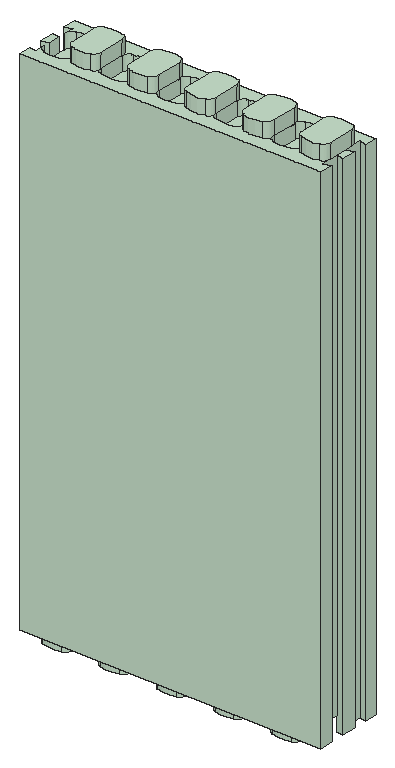
Revit family
Reference planes (in)
  plane 1 "Center (Front/Back)": y = 0
  plane 2: z = 0
  plane 3 "Center (Left/Right)": x = -2
  plane 4: y = 2.375
  plane 5: z = 18
  plane 6: x = 8.5
Forms (in)
  Extrusion 1, solid, material "NUDURA Expanded Polystyrene Foam Insulation"
    sketch origin (0, 0, 0) x (1, 0, 0) y (0, 1, 0)
      loop
        line (-2, 0) -> (8.5, 0) -> (8.5, 0.44867) -> (8.25, 0.38168) -> (8.25, 0.98867) -> (8.5, 0.92633) -> (8.5, 1.44867) -> (8.25, 1.38168) -> (8.25, 1.98867) -> (8.5, 1.92633) -> (8.5, 2.375) -> (-2, 2.375) -> (-2, 1.92633) -> (-1.75, 1.99332) -> (-1.75, 1.38633) -> (-2, 1.44867) -> (-2, 0.92633) -> (-1.75, 0.99332) -> (-1.75, 0.38633) -> (-2, 0.44867) -> (-2, 0)
    from 0 to 18
  Extrusion 2, void
    sketch origin (-0.01563, 0, 0) x (1, 0, 0) y (0, 1, 0)
      loop
        arc (2.98523, 1.98842) -> (2.96388, 1.94159) -> (2.91453, 1.92701) r 0.06202
        arc (2.91453, 1.92701) -> (2.67428, 1.93357) -> (2.4387, 1.88595) r 1.0625
        arc (2.4387, 1.88595) -> (2.31347, 1.79517) -> (2.26563, 1.64808) r 0.25
        line (2.26563, 1.64808) -> (2.26563, 0.72692)
        arc (2.26563, 0.72692) -> (2.31347, 0.57983) -> (2.4387, 0.48905) r 0.25
        arc (2.4387, 0.48905) -> (2.76563, 0.4375) -> (3.09255, 0.48905) r 1.0625
        arc (3.09255, 0.48905) -> (3.21778, 0.57983) -> (3.26563, 0.72692) r 0.25
        line (3.26563, 0.72692) -> (3.26563, 1.64808)
        arc (3.26563, 1.64808) -> (3.25199, 1.72953) -> (3.21256, 1.80209) r 0.25
        arc (3.21256, 1.80209) -> (3.20278, 1.82009) -> (3.19939, 1.84029) r 0.06202
        line (3.19939, 1.84029) -> (3.19939, 2.21033) -> (2.98523, 2.21033) -> (2.98523, 1.98842)
    from 18 to 17.5
  Extrusion 3, void
    sketch origin (1.98437, 0, 0) x (1, 0, 0) y (0, 1, 0)
      loop
        arc (2.98523, 1.98842) -> (2.96388, 1.94159) -> (2.91453, 1.92701) r 0.06202
        arc (2.91453, 1.92701) -> (2.67428, 1.93357) -> (2.4387, 1.88595) r 1.0625
        arc (2.4387, 1.88595) -> (2.31347, 1.79517) -> (2.26563, 1.64808) r 0.25
        line (2.26563, 1.64808) -> (2.26563, 0.72692)
        arc (2.26563, 0.72692) -> (2.31347, 0.57983) -> (2.4387, 0.48905) r 0.25
        arc (2.4387, 0.48905) -> (2.76563, 0.4375) -> (3.09255, 0.48905) r 1.0625
        arc (3.09255, 0.48905) -> (3.21778, 0.57983) -> (3.26563, 0.72692) r 0.25
        line (3.26563, 0.72692) -> (3.26563, 1.64808)
        arc (3.26563, 1.64808) -> (3.25199, 1.72953) -> (3.21256, 1.80209) r 0.25
        arc (3.21256, 1.80209) -> (3.20278, 1.82009) -> (3.19939, 1.84029) r 0.06202
        line (3.19939, 1.84029) -> (3.19939, 2.21033) -> (2.98523, 2.21033) -> (2.98523, 1.98842)
    from 18 to 17.5
  Extrusion 4, void
    sketch origin (-2.01563, 0, 0) x (1, 0, 0) y (0, 1, 0)
      loop
        arc (2.98523, 1.98842) -> (2.96388, 1.94159) -> (2.91453, 1.92701) r 0.06202
        arc (2.91453, 1.92701) -> (2.67428, 1.93357) -> (2.4387, 1.88595) r 1.0625
        arc (2.4387, 1.88595) -> (2.31347, 1.79517) -> (2.26563, 1.64808) r 0.25
        line (2.26563, 1.64808) -> (2.26563, 0.72692)
        arc (2.26563, 0.72692) -> (2.31347, 0.57983) -> (2.4387, 0.48905) r 0.25
        arc (2.4387, 0.48905) -> (2.76563, 0.4375) -> (3.09255, 0.48905) r 1.0625
        arc (3.09255, 0.48905) -> (3.21778, 0.57983) -> (3.26563, 0.72692) r 0.25
        line (3.26563, 0.72692) -> (3.26563, 1.64808)
        arc (3.26563, 1.64808) -> (3.25199, 1.72953) -> (3.21256, 1.80209) r 0.25
        arc (3.21256, 1.80209) -> (3.20278, 1.82009) -> (3.19939, 1.84029) r 0.06202
        line (3.19939, 1.84029) -> (3.19939, 2.21033) -> (2.98523, 2.21033) -> (2.98523, 1.98842)
    from 18 to 17.5
  Extrusion 5, void
    sketch origin (0, 0, 0) x (1, 0, 0) y (0, 1, 0)
      loop
        line (5.53039, 1.98842) -> (5.53039, 2.21033) -> (5.31623, 2.21033) -> (5.31623, 1.84029)
        arc (5.31623, 1.84029) -> (5.31285, 1.82009) -> (5.30307, 1.80209) r 0.06202
        arc (5.30307, 1.80209) -> (5.26364, 1.72953) -> (5.25, 1.64808) r 0.25
        line (5.25, 1.64808) -> (5.25, 0.72692)
        arc (5.25, 0.72692) -> (5.29785, 0.57983) -> (5.42308, 0.48905) r 0.25
        arc (5.42308, 0.48905) -> (5.75, 0.4375) -> (6.07692, 0.48905) r 1.0625
        arc (6.07692, 0.48905) -> (6.20215, 0.57983) -> (6.25, 0.72692) r 0.25
        line (6.25, 0.72692) -> (6.25, 1.64808)
        arc (6.25, 1.64808) -> (6.20215, 1.79517) -> (6.07692, 1.88595) r 0.25
        arc (6.07692, 1.88595) -> (5.84135, 1.93357) -> (5.6011, 1.92701) r 1.0625
        arc (5.6011, 1.92701) -> (5.55174, 1.94159) -> (5.53039, 1.98842) r 0.06202
      loop
        line (3.53039, 1.98842) -> (3.53039, 2.21033) -> (3.31623, 2.21033) -> (3.31623, 1.84029)
        arc (3.31623, 1.84029) -> (3.31285, 1.82009) -> (3.30307, 1.80209) r 0.06202
        arc (3.30307, 1.80209) -> (3.26364, 1.72953) -> (3.25, 1.64808) r 0.25
        line (3.25, 1.64808) -> (3.25, 0.72692)
        arc (3.25, 0.72692) -> (3.29785, 0.57983) -> (3.42308, 0.48905) r 0.25
        arc (3.42308, 0.48905) -> (3.75, 0.4375) -> (4.07692, 0.48905) r 1.0625
        arc (4.07692, 0.48905) -> (4.20215, 0.57983) -> (4.25, 0.72692) r 0.25
        line (4.25, 0.72692) -> (4.25, 1.64808)
        arc (4.25, 1.64808) -> (4.20215, 1.79517) -> (4.07692, 1.88595) r 0.25
        arc (4.07692, 1.88595) -> (3.84135, 1.93357) -> (3.6011, 1.92701) r 1.0625
        arc (3.6011, 1.92701) -> (3.55174, 1.94159) -> (3.53039, 1.98842) r 0.06202
      loop
        line (1.53039, 1.98842) -> (1.53039, 2.21033) -> (1.31623, 2.21033) -> (1.31623, 1.84029)
        arc (1.31623, 1.84029) -> (1.31285, 1.82009) -> (1.30307, 1.80209) r 0.06202
        arc (1.30307, 1.80209) -> (1.26364, 1.72953) -> (1.25, 1.64808) r 0.25
        line (1.25, 1.64808) -> (1.25, 0.72692)
        arc (1.25, 0.72692) -> (1.29785, 0.57983) -> (1.42308, 0.48905) r 0.25
        arc (1.42308, 0.48905) -> (1.75, 0.4375) -> (2.07692, 0.48905) r 1.0625
        arc (2.07692, 0.48905) -> (2.20215, 0.57983) -> (2.25, 0.72692) r 0.25
        line (2.25, 0.72692) -> (2.25, 1.64808)
        arc (2.25, 1.64808) -> (2.20215, 1.79517) -> (2.07692, 1.88595) r 0.25
        arc (2.07692, 1.88595) -> (1.84135, 1.93357) -> (1.6011, 1.92701) r 1.0625
        arc (1.6011, 1.92701) -> (1.55174, 1.94159) -> (1.53039, 1.98842) r 0.06202
      loop
        line (-0.46961, 1.98842) -> (-0.46961, 2.21033) -> (-0.68377, 2.21033) -> (-0.68377, 1.84029)
        arc (-0.68377, 1.84029) -> (-0.68715, 1.82009) -> (-0.69693, 1.80209) r 0.06202
        arc (-0.69693, 1.80209) -> (-0.73636, 1.72953) -> (-0.75, 1.64808) r 0.25
        line (-0.75, 1.64808) -> (-0.75, 0.72692)
        arc (-0.75, 0.72692) -> (-0.70215, 0.57983) -> (-0.57692, 0.48905) r 0.25
        arc (-0.57692, 0.48905) -> (-0.25, 0.4375) -> (0.07692, 0.48905) r 1.0625
        arc (0.07692, 0.48905) -> (0.20215, 0.57983) -> (0.25, 0.72692) r 0.25
        line (0.25, 0.72692) -> (0.25, 1.64808)
        arc (0.25, 1.64808) -> (0.20215, 1.79517) -> (0.07692, 1.88595) r 0.25
        arc (0.07692, 1.88595) -> (-0.15865, 1.93357) -> (-0.3989, 1.92701) r 1.0625
        arc (-0.3989, 1.92701) -> (-0.44826, 1.94159) -> (-0.46961, 1.98842) r 0.06202
      loop
        line (7.53039, 1.98842) -> (7.53039, 2.21033) -> (7.31623, 2.21033) -> (7.31623, 1.84029)
        arc (7.31623, 1.84029) -> (7.31285, 1.82009) -> (7.30307, 1.80209) r 0.06202
        arc (7.30307, 1.80209) -> (7.26364, 1.72953) -> (7.25, 1.64808) r 0.25
        line (7.25, 1.64808) -> (7.25, 0.72692)
        arc (7.25, 0.72692) -> (7.29785, 0.57983) -> (7.42308, 0.48905) r 0.25
        arc (7.42308, 0.48905) -> (7.75, 0.4375) -> (8.07692, 0.48905) r 1.0625
        arc (8.07692, 0.48905) -> (8.20215, 0.57983) -> (8.25, 0.72692) r 0.25
        line (8.25, 0.72692) -> (8.25, 1.64808)
        arc (8.25, 1.64808) -> (8.20215, 1.79517) -> (8.07692, 1.88595) r 0.25
        arc (8.07692, 1.88595) -> (7.84135, 1.93357) -> (7.6011, 1.92701) r 1.0625
        arc (7.6011, 1.92701) -> (7.55174, 1.94159) -> (7.53039, 1.98842) r 0.06202
    from 0 to 0.5
  Extrusion 6, void
    sketch origin (3.98437, 0, 0) x (1, 0, 0) y (0, 1, 0)
      loop
        arc (2.98523, 1.98842) -> (2.96388, 1.94159) -> (2.91453, 1.92701) r 0.06202
        arc (2.91453, 1.92701) -> (2.67428, 1.93357) -> (2.4387, 1.88595) r 1.0625
        arc (2.4387, 1.88595) -> (2.31347, 1.79517) -> (2.26563, 1.64808) r 0.25
        line (2.26563, 1.64808) -> (2.26563, 0.72692)
        arc (2.26563, 0.72692) -> (2.31347, 0.57983) -> (2.4387, 0.48905) r 0.25
        arc (2.4387, 0.48905) -> (2.76563, 0.4375) -> (3.09255, 0.48905) r 1.0625
        arc (3.09255, 0.48905) -> (3.21778, 0.57983) -> (3.26563, 0.72692) r 0.25
        line (3.26563, 0.72692) -> (3.26563, 1.64808)
        arc (3.26563, 1.64808) -> (3.25199, 1.72953) -> (3.21256, 1.80209) r 0.25
        arc (3.21256, 1.80209) -> (3.20278, 1.82009) -> (3.19939, 1.84029) r 0.06202
        line (3.19939, 1.84029) -> (3.19939, 2.21033) -> (2.98523, 2.21033) -> (2.98523, 1.98842)
    from 18 to 17.5
  Extrusion 7, void
    sketch origin (-4.01563, 0, 0) x (1, 0, 0) y (0, 1, 0)
      loop
        arc (2.98523, 1.98842) -> (2.96388, 1.94159) -> (2.91453, 1.92701) r 0.06202
        arc (2.91453, 1.92701) -> (2.67428, 1.93357) -> (2.4387, 1.88595) r 1.0625
        arc (2.4387, 1.88595) -> (2.31347, 1.79517) -> (2.26563, 1.64808) r 0.25
        line (2.26563, 1.64808) -> (2.26563, 0.72692)
        arc (2.26563, 0.72692) -> (2.31347, 0.57983) -> (2.4387, 0.48905) r 0.25
        arc (2.4387, 0.48905) -> (2.76563, 0.4375) -> (3.09255, 0.48905) r 1.0625
        arc (3.09255, 0.48905) -> (3.21778, 0.57983) -> (3.26563, 0.72692) r 0.25
        line (3.26563, 0.72692) -> (3.26563, 1.64808)
        arc (3.26563, 1.64808) -> (3.25199, 1.72953) -> (3.21256, 1.80209) r 0.25
        arc (3.21256, 1.80209) -> (3.20278, 1.82009) -> (3.19939, 1.84029) r 0.06202
        line (3.19939, 1.84029) -> (3.19939, 2.21033) -> (2.98523, 2.21033) -> (2.98523, 1.98842)
    from 18 to 17.5
Cuts and joins
  Extrusion 2, Extrusion 3, Extrusion 4, Extrusion 5, Extrusion 6, Extrusion 7 cuts Extrusion 1
Lines and regions (in)
  model lines
    curve 1: line (-0.75, 0, 0) -> (-0.75, 0, 18)
    curve 2: line (7.25, 0, 18) -> (7.25, 0, 0)
Dimensions and locks (in)
  locked: plane 5 to plane 2 at 18
  aligned and locked: nested 12 to cut or joined group of Extrusion 1, Extrusion 2, Extrusion 3, Extrusion 4, Extrusion 5, Extrusion 6, Extrusion 7
Nested families (in)
  nested 1: "Capture Lugs" at (3.25, 5.625, 0), type "Capture Lugs"
  nested 2: "Interlock Tooth" at (1.25, 5.625, 0), type "Interlock Tooth"
  nested 3: "Interlock Tooth" at (3.25, 5.625, 0), type "Interlock Tooth"
  nested 4: "Interlock Tooth" at (5.25, 5.625, 0), type "Interlock Tooth"
  nested 5: "Interlock Tooth" at (4.25, 5.625, -18.5), type "Interlock Tooth"
  nested 6: "Interlock Tooth" at (2.25, 5.625, -18.5), type "Interlock Tooth"
  nested 7: "Interlock Tooth" at (0.25, 5.625, -18.5), type "Interlock Tooth"
  nested 8: "Interlock Tooth" at (6.25, 5.625, -18.5), type "Interlock Tooth"
  nested 9: "Interlock Tooth" at (-0.75, 5.625, 0), type "Interlock Tooth"
  nested 10: "Interlock Tooth" at (-1.75, 5.625, -18.5), type "Interlock Tooth"
  nested 11: "Interlock Tooth" at (7.25, 5.625, 0), type "Interlock Tooth"
  nested 12: "NUDURA Logo Diamond without Outside Line" at (-8.74744, 0, 0), type "NUDURA Logo Diamond without Outside Line"
Definition of nested family "Capture Lugs"
  Reference planes (in)
    plane 1 "Center (Front/Back)": y = 0
    plane 2: z = 0
    plane 3 "Center (Left/Right)": x = 0
  Forms (in)
    Extrusion 1, solid, material "High Density Polystyrene"
      sketch origin (0, 0, 0) x (0, 1, 0) y (0, 0, 1)
        loop
          arc (-3.25, 0) -> (-3.22112, 0.01975) -> (-3.21, 0.05292) r 0.055
          line (-3.21, 0.05292) -> (-3.21, 17.69292)
          arc (-3.21, 17.69292) -> (-3.22112, 17.72608) -> (-3.25, 17.74583) r 0.055
          line (-3.25, 17.74583) -> (-3.25, 0)
      from 0.36328 to -0.36328
    Extrusion 2, solid, material "High Density Polystyrene"
      sketch origin (0, 0, 0) x (0, 1, 0) y (0, 0, 1)
        loop
          line (-3.21, 16.17792) -> (-3.21, 14.97792) -> (-2.71, 14.97792) -> (-2.71, 16.17792) -> (-3.21, 16.17792)
        loop
          line (-3.21, 14.22792) -> (-3.21, 13.02792) -> (-2.71, 13.02792) -> (-2.71, 14.22792) -> (-3.21, 14.22792)
        loop
          line (-3.21, 12.27792) -> (-3.21, 11.07792) -> (-2.71, 11.07792) -> (-2.71, 12.27792) -> (-3.21, 12.27792)
        loop
          line (-3.21, 10.32792) -> (-3.21, 9.24792) -> (-2.71, 9.24792) -> (-2.71, 10.32792) -> (-3.21, 10.32792)
        loop
          line (-3.21, 8.49792) -> (-3.21, 7.41792) -> (-2.71, 7.41792) -> (-2.71, 8.49792) -> (-3.21, 8.49792)
        loop
          line (-3.21, 6.66792) -> (-3.21, 5.46792) -> (-2.71, 5.46792) -> (-2.71, 6.66792) -> (-3.21, 6.66792)
        loop
          line (-3.21, 4.71792) -> (-3.21, 3.51792) -> (-2.71, 3.51792) -> (-2.71, 4.71792) -> (-3.21, 4.71792)
        loop
          line (-3.21, 2.76792) -> (-3.21, 1.56792) -> (-2.71, 1.56792) -> (-2.71, 2.76792) -> (-3.21, 2.76792)
      from 0.25 to -0.25
    Extrusion 3, void
      sketch origin (0, 0, 0) x (1, 0, 0) y (0, 1, 0)
        loop
          arc (-0.25, -2.79249) -> (-0.22584, -2.73416) -> (-0.1675, -2.71) r 0.0825
          line (-0.1675, -2.71) -> (-0.25, -2.71) -> (-0.25, -2.79249)
      from 0 to 18
    Extrusion 4, void
      sketch origin (0, 0, 0) x (-1, 0, 0) y (0, -1, 0)
        loop
          line (-0.25, 2.79249) -> (-0.25, 2.71) -> (-0.1675, 2.71)
          arc (-0.1675, 2.71) -> (-0.22584, 2.73416) -> (-0.25, 2.79249) r 0.0825
      from 0 to 18
    Extrusion 5, void
      sketch origin (0, 0, 0) x (1, 0, 0) y (0, 1, 0)
        loop
          arc (-0.04687, -2.835) -> (0, -3.07587) -> (0.04688, -2.835) r 0.125
          line (0.04688, -2.835) -> (0.04688, -2.71) -> (-0.04687, -2.71) -> (-0.04687, -2.835)
      from 0 to 18
  Cuts and joins
    Extrusion 3, Extrusion 4 cuts Extrusion 1
    Extrusion 3, Extrusion 4, Extrusion 5 cuts Extrusion 2
Definition of nested family "Interlock Tooth"
  Reference planes (in)
    plane 1 "Center (Front/Back)": y = 0
    plane 2: z = 0
    plane 3 "Center (Left/Right)": x = 0
    plane 4: z = 18
    plane 5: z = 18.5
    plane 6: z = -0.5
  Forms (in)
    Extrusion 1, solid, material "NUDURA Expanded Polystyrene Foam Insulation"
      sketch origin (0, -8.875, 0) x (1, 0, 0) y (0, 1, 0)
        loop
          arc (0, 3.97692) -> (0.04785, 3.82983) -> (0.17308, 3.73905) r 0.25
          arc (0.17308, 3.73905) -> (0.5, 3.6875) -> (0.82692, 3.73905) r 1.0625
          arc (0.82692, 3.73905) -> (0.95215, 3.82983) -> (1, 3.97692) r 0.25
          line (1, 3.97692) -> (1, 4.89808)
          arc (1, 4.89808) -> (0.95215, 5.04517) -> (0.82692, 5.13595) r 0.25
          arc (0.82692, 5.13595) -> (0.5, 5.1875) -> (0.17308, 5.13595) r 1.0625
          arc (0.17308, 5.13595) -> (0.04785, 5.04517) -> (0, 4.89808) r 0.25
          line (0, 4.89808) -> (0, 3.97692)
      from 18 to 18.5
  Dimensions and locks (in)
    locked: plane 4 to level at 18
    locked: plane 4 to plane 5 at 0.5
    locked: plane 6 to level at 0.5
Definition of nested family "NUDURA Logo Diamond without Outside Line"
  Reference planes (in)
    plane 1 "Center (Front/Back)": y = 0
    plane 2: z = 0
    plane 3 "Center (Left/Right)": x = 0
  Lines and regions (in)
    model lines
      curve 1: line (12.59848, 0, 17.50104) -> (12.24492, 0, 17.85459)
      curve 2: line (12.36113, 0, 16.76872) -> (12.59848, 0, 17.00607)
      curve 3: line (12.59848, 0, 16.00104) -> (12.36113, 0, 16.23839)
      curve 4: line (12.36113, 0, 15.26872) -> (12.59848, 0, 15.50607)
      curve 5: line (12.59848, 0, 14.50104) -> (12.36113, 0, 14.73839)
      curve 6: line (12.36113, 0, 13.76872) -> (12.59848, 0, 14.00607)
      curve 7: line (12.17421, 0, 13.28388) -> (12.71208, 0, 12.74602)
      curve 8: line (12.71208, 0, 12.74602) -> (12.78279, 0, 12.81673)
      curve 9: line (11.28279, 0, 12.74602) -> (11.82066, 0, 13.28388)
      curve 10: line (11.63374, 0, 13.23839) -> (11.21208, 0, 12.81673)
      curve 11: line (11.3964, 0, 14.00607) -> (11.63374, 0, 13.76872)
      curve 12: line (11.63374, 0, 14.73839) -> (11.3964, 0, 14.50104)
      curve 13: line (11.3964, 0, 15.50607) -> (11.63374, 0, 15.26872)
      curve 14: line (11.63374, 0, 16.23839) -> (11.3964, 0, 16.00104)
      curve 15: line (11.3964, 0, 17.00607) -> (11.63374, 0, 16.76872)
      curve 16: line (11.74995, 0, 17.85459) -> (11.3964, 0, 17.50104)
      curve 17: line (11.82066, 0, 17.78388) -> (11.46711, 0, 17.43033)
      curve 18: line (12.52777, 0, 17.43033) -> (12.17421, 0, 17.78388)
      curve 19: line (12.17421, 0, 16.72322) -> (12.52777, 0, 17.07678)
      curve 20: line (11.46711, 0, 17.07678) -> (11.82066, 0, 16.72322)
      curve 21: arc (11.3964, 0, 17.50104) -> (11.29388, 0, 17.25355) -> (11.3964, 0, 17.00607) r 0.35
      curve 22: arc (11.74995, 0, 17.85459) -> (11.99744, 0, 17.95711) -> (12.24492, 0, 17.85459) r 0.35
      curve 23: arc (11.46711, 0, 17.43033) -> (11.39388, 0, 17.25355) -> (11.46711, 0, 17.07678) r 0.25
      curve 24: arc (12.52777, 0, 17.43033) -> (12.60099, 0, 17.25355) -> (12.52777, 0, 17.07678) r 0.25
      curve 25: arc (12.17421, 0, 16.72322) -> (11.99744, 0, 16.65) -> (11.82066, 0, 16.72322) r 0.25
      curve 26: arc (11.82066, 0, 17.78388) -> (11.99744, 0, 17.85711) -> (12.17421, 0, 17.78388) r 0.25
      curve 27: arc (12.59848, 0, 17.50104) -> (12.70099, 0, 17.25355) -> (12.59848, 0, 17.00607) r 0.35
      curve 28: arc (11.63374, 0, 16.76872) -> (11.74358, 0, 16.50355) -> (11.63374, 0, 16.23839) r 0.375
      curve 29: arc (12.36113, 0, 16.76872) -> (12.2513, 0, 16.50355) -> (12.36113, 0, 16.23839) r 0.375
      curve 30: line (12.36113, 0, 15.26872) -> (12.59848, 0, 15.50607)
      curve 31: line (11.3964, 0, 15.50607) -> (11.63374, 0, 15.26872)
      curve 32: line (11.82066, 0, 16.28388) -> (11.46711, 0, 15.93033)
      curve 33: line (12.52777, 0, 15.93033) -> (12.17421, 0, 16.28388)
      curve 34: line (12.17421, 0, 15.22322) -> (12.52777, 0, 15.57678)
      curve 35: line (11.46711, 0, 15.57678) -> (11.82066, 0, 15.22322)
      curve 36: arc (11.3964, 0, 16.00104) -> (11.29388, 0, 15.75355) -> (11.3964, 0, 15.50607) r 0.35
      curve 37: arc (11.46711, 0, 15.93033) -> (11.39388, 0, 15.75355) -> (11.46711, 0, 15.57678) r 0.25
      curve 38: arc (12.52777, 0, 15.93033) -> (12.60099, 0, 15.75355) -> (12.52777, 0, 15.57678) r 0.25
      curve 39: arc (12.17421, 0, 15.22322) -> (11.99744, 0, 15.15) -> (11.82066, 0, 15.22322) r 0.25
      curve 40: arc (11.82066, 0, 16.28388) -> (11.99744, 0, 16.35711) -> (12.17421, 0, 16.28388) r 0.25
      curve 41: arc (12.59848, 0, 16.00104) -> (12.70099, 0, 15.75355) -> (12.59848, 0, 15.50607) r 0.35
      curve 42: line (11.63374, 0, 16.23839) -> (11.3964, 0, 16.00104)
      curve 43: line (12.59848, 0, 16.00104) -> (12.36113, 0, 16.23839)
      curve 44: arc (11.63374, 0, 15.26872) -> (11.74358, 0, 15.00355) -> (11.63374, 0, 14.73839) r 0.375
      curve 45: arc (12.36113, 0, 15.26872) -> (12.2513, 0, 15.00355) -> (12.36113, 0, 14.73839) r 0.375
      curve 46: line (12.36113, 0, 13.76872) -> (12.59848, 0, 14.00607)
      curve 47: line (11.3964, 0, 14.00607) -> (11.63374, 0, 13.76872)
      curve 48: line (11.82066, 0, 14.78388) -> (11.46711, 0, 14.43033)
      curve 49: line (12.52777, 0, 14.43033) -> (12.17421, 0, 14.78388)
      curve 50: line (12.17421, 0, 13.72322) -> (12.52777, 0, 14.07678)
      curve 51: line (11.46711, 0, 14.07678) -> (11.82066, 0, 13.72322)
      curve 52: arc (11.3964, 0, 14.50104) -> (11.29388, 0, 14.25355) -> (11.3964, 0, 14.00607) r 0.35
      curve 53: arc (11.46711, 0, 14.43033) -> (11.39388, 0, 14.25355) -> (11.46711, 0, 14.07678) r 0.25
      curve 54: arc (12.52777, 0, 14.43033) -> (12.60099, 0, 14.25355) -> (12.52777, 0, 14.07678) r 0.25
      curve 55: arc (12.17421, 0, 13.72322) -> (11.99744, 0, 13.65) -> (11.82066, 0, 13.72322) r 0.25
      curve 56: arc (11.82066, 0, 14.78388) -> (11.99744, 0, 14.85711) -> (12.17421, 0, 14.78388) r 0.25
      curve 57: arc (12.59848, 0, 14.50104) -> (12.70099, 0, 14.25355) -> (12.59848, 0, 14.00607) r 0.35
      curve 58: line (11.63374, 0, 14.73839) -> (11.3964, 0, 14.50104)
      curve 59: arc (11.63374, 0, 13.76872) -> (11.74358, 0, 13.50355) -> (11.63374, 0, 13.23839) r 0.375
      curve 60: arc (12.36113, 0, 13.76872) -> (12.2513, 0, 13.50355) -> (12.36113, 0, 13.23839) r 0.375
      curve 61: line (12.78279, 0, 12.81673) -> (12.36113, 0, 13.23839)
      curve 62: line (11.21208, 0, 12.81673) -> (11.28279, 0, 12.74602)
      curve 63: arc (11.82066, 0, 13.28388) -> (11.99744, 0, 13.35711) -> (12.17421, 0, 13.28388) r 0.25
      curve 64: line (12.59848, 0, 0.50607) -> (12.24492, 0, 0.15251)
      curve 65: line (12.36113, 0, 1.23839) -> (12.59848, 0, 1.00104)
      curve 66: line (12.59848, 0, 2.00607) -> (12.36113, 0, 1.76872)
      curve 67: line (12.36113, 0, 2.73839) -> (12.59848, 0, 2.50104)
      curve 68: line (12.59848, 0, 3.50607) -> (12.36113, 0, 3.26872)
      curve 69: line (12.36113, 0, 4.23839) -> (12.59848, 0, 4.00104)
      curve 70: line (12.17421, 0, 4.72322) -> (12.71208, 0, 5.26109)
      curve 71: line (12.71208, 0, 5.26109) -> (12.78279, 0, 5.19038)
      curve 72: line (11.28279, 0, 5.26109) -> (11.82066, 0, 4.72322)
      curve 73: line (11.63374, 0, 4.76872) -> (11.21208, 0, 5.19038)
      curve 74: line (11.3964, 0, 4.00104) -> (11.63374, 0, 4.23839)
      curve 75: line (11.63374, 0, 3.26872) -> (11.3964, 0, 3.50607)
      curve 76: line (11.3964, 0, 2.50104) -> (11.63374, 0, 2.73839)
      curve 77: line (11.63374, 0, 1.76872) -> (11.3964, 0, 2.00607)
      curve 78: line (11.3964, 0, 1.00104) -> (11.63374, 0, 1.23839)
      curve 79: line (11.74995, 0, 0.15251) -> (11.3964, 0, 0.50607)
      curve 80: line (11.82066, 0, 0.22322) -> (11.46711, 0, 0.57678)
      curve 81: line (12.52777, 0, 0.57678) -> (12.17421, 0, 0.22322)
      curve 82: line (12.17421, 0, 1.28388) -> (12.52777, 0, 0.93033)
      curve 83: line (11.46711, 0, 0.93033) -> (11.82066, 0, 1.28388)
      curve 84: arc (11.3964, 0, 0.50607) -> (11.29388, 0, 0.75355) -> (11.3964, 0, 1.00104) r 0.35
      curve 85: arc (11.74995, 0, 0.15251) -> (11.99744, 0, 0.05) -> (12.24492, 0, 0.15251) r 0.35
      curve 86: arc (11.46711, 0, 0.57678) -> (11.39388, 0, 0.75355) -> (11.46711, 0, 0.93033) r 0.25
      curve 87: arc (12.52777, 0, 0.57678) -> (12.60099, 0, 0.75355) -> (12.52777, 0, 0.93033) r 0.25
      curve 88: arc (12.17421, 0, 1.28388) -> (11.99744, 0, 1.35711) -> (11.82066, 0, 1.28388) r 0.25
      curve 89: arc (11.82066, 0, 0.22322) -> (11.99744, 0, 0.15) -> (12.17421, 0, 0.22322) r 0.25
      curve 90: arc (12.59848, 0, 0.50607) -> (12.70099, 0, 0.75355) -> (12.59848, 0, 1.00104) r 0.35
      curve 91: arc (11.63374, 0, 1.23839) -> (11.74358, 0, 1.50355) -> (11.63374, 0, 1.76872) r 0.375
      curve 92: arc (12.36113, 0, 1.23839) -> (12.2513, 0, 1.50355) -> (12.36113, 0, 1.76872) r 0.375
      curve 93: line (12.36113, 0, 2.73839) -> (12.59848, 0, 2.50104)
      curve 94: line (11.3964, 0, 2.50104) -> (11.63374, 0, 2.73839)
      curve 95: line (11.82066, 0, 1.72322) -> (11.46711, 0, 2.07678)
      curve 96: line (12.52777, 0, 2.07678) -> (12.17421, 0, 1.72322)
      curve 97: line (12.17421, 0, 2.78388) -> (12.52777, 0, 2.43033)
      curve 98: line (11.46711, 0, 2.43033) -> (11.82066, 0, 2.78388)
      curve 99: arc (11.3964, 0, 2.00607) -> (11.29388, 0, 2.25355) -> (11.3964, 0, 2.50104) r 0.35
      curve 100: arc (11.46711, 0, 2.07678) -> (11.39388, 0, 2.25355) -> (11.46711, 0, 2.43033) r 0.25
      curve 101: arc (12.52777, 0, 2.07678) -> (12.60099, 0, 2.25355) -> (12.52777, 0, 2.43033) r 0.25
      curve 102: arc (12.17421, 0, 2.78388) -> (11.99744, 0, 2.85711) -> (11.82066, 0, 2.78388) r 0.25
      curve 103: arc (11.82066, 0, 1.72322) -> (11.99744, 0, 1.65) -> (12.17421, 0, 1.72322) r 0.25
      curve 104: arc (12.59848, 0, 2.00607) -> (12.70099, 0, 2.25355) -> (12.59848, 0, 2.50104) r 0.35
      curve 105: line (11.63374, 0, 1.76872) -> (11.3964, 0, 2.00607)
      curve 106: line (12.59848, 0, 2.00607) -> (12.36113, 0, 1.76872)
      curve 107: arc (11.63374, 0, 2.73839) -> (11.74358, 0, 3.00355) -> (11.63374, 0, 3.26872) r 0.375
      curve 108: arc (12.36113, 0, 2.73839) -> (12.2513, 0, 3.00355) -> (12.36113, 0, 3.26872) r 0.375
      curve 109: line (12.36113, 0, 4.23839) -> (12.59848, 0, 4.00104)
      curve 110: line (11.3964, 0, 4.00104) -> (11.63374, 0, 4.23839)
      curve 111: line (11.82066, 0, 3.22322) -> (11.46711, 0, 3.57678)
      curve 112: line (12.52777, 0, 3.57678) -> (12.17421, 0, 3.22322)
      curve 113: line (12.17421, 0, 4.28388) -> (12.52777, 0, 3.93033)
      curve 114: line (11.46711, 0, 3.93033) -> (11.82066, 0, 4.28388)
      curve 115: arc (11.3964, 0, 3.50607) -> (11.29388, 0, 3.75355) -> (11.3964, 0, 4.00104) r 0.35
      curve 116: arc (11.46711, 0, 3.57678) -> (11.39388, 0, 3.75355) -> (11.46711, 0, 3.93033) r 0.25
      curve 117: arc (12.52777, 0, 3.57678) -> (12.60099, 0, 3.75355) -> (12.52777, 0, 3.93033) r 0.25
      curve 118: arc (12.17421, 0, 4.28388) -> (11.99744, 0, 4.35711) -> (11.82066, 0, 4.28388) r 0.25
      curve 119: arc (11.82066, 0, 3.22322) -> (11.99744, 0, 3.15) -> (12.17421, 0, 3.22322) r 0.25
      curve 120: arc (12.59848, 0, 3.50607) -> (12.70099, 0, 3.75355) -> (12.59848, 0, 4.00104) r 0.35
      curve 121: line (11.63374, 0, 3.26872) -> (11.3964, 0, 3.50607)
      curve 122: arc (11.63374, 0, 4.23839) -> (11.74358, 0, 4.50355) -> (11.63374, 0, 4.76872) r 0.375
      curve 123: arc (12.36113, 0, 4.23839) -> (12.2513, 0, 4.50355) -> (12.36113, 0, 4.76872) r 0.375
      curve 124: line (12.78279, 0, 5.19038) -> (12.36113, 0, 4.76872)
      curve 125: line (11.21208, 0, 5.19038) -> (11.28279, 0, 5.26109)
      curve 126: arc (11.82066, 0, 4.72322) -> (11.99744, 0, 4.65) -> (12.17421, 0, 4.72322) r 0.25
      curve 127: line (12.37244, 0, 12.50355) -> (11.62244, 0, 12.50355)
      curve 128: line (12.74744, 0, 5.87855) -> (12.74744, 0, 12.12855)
      curve 129: line (11.24744, 0, 12.12855) -> (11.24744, 0, 5.87855)
      curve 130: line (11.62244, 0, 5.50355) -> (12.37244, 0, 5.50355)
      curve 131: line (12.47232, 0, 12.00355) -> (12.0393, 0, 12.25355)
      curve 132: line (12.47232, 0, 11.50355) -> (12.47232, 0, 12.00355)
      curve 133: line (12.25581, 0, 11.37855) -> (12.47232, 0, 11.50355)
      curve 134: line (12.02256, 0, 11.51322) -> (12.25581, 0, 11.37855)
      curve 135: line (12.22232, 0, 11.62855) -> (12.02256, 0, 11.51322)
      curve 136: line (11.80605, 0, 12.11888) -> (12.22232, 0, 11.87855)
      curve 137: line (12.22232, 0, 11.87855) -> (12.22232, 0, 11.62855)
      curve 138: line (12.0393, 0, 12.25355) -> (11.80605, 0, 12.11888)
      curve 139: line (11.77256, 0, 11.63822) -> (11.97232, 0, 11.75355)
      curve 140: line (11.97232, 0, 11.75355) -> (11.73906, 0, 11.88822)
      curve 141: line (11.73906, 0, 11.88822) -> (11.52256, 0, 11.76322)
      curve 142: line (11.52256, 0, 11.76322) -> (11.52256, 0, 11.26322)
      curve 143: line (11.77256, 0, 11.38822) -> (11.77256, 0, 11.63822)
      curve 144: line (12.18882, 0, 11.14789) -> (11.77256, 0, 11.38822)
      curve 145: line (11.95557, 0, 11.01322) -> (12.18882, 0, 11.14789)
      curve 146: line (11.52256, 0, 11.26322) -> (11.95557, 0, 11.01322)
      curve 147: line (12.31108, 0, 10.60411) -> (11.68379, 0, 10.74458)
      curve 148: line (11.68379, 0, 10.74458) -> (11.68379, 0, 10.51321)
      curve 149: line (11.68379, 0, 10.51321) -> (12.1295, 0, 10.41405)
      curve 150: line (12.1295, 0, 10.41405) -> (11.68379, 0, 10.27358)
      curve 151: line (11.68379, 0, 10.27358) -> (11.68379, 0, 9.8852)
      curve 152: line (11.68379, 0, 9.8852) -> (12.17077, 0, 9.77615)
      curve 153: line (12.17077, 0, 9.77615) -> (12.17077, 0, 9.74472)
      curve 154: line (12.17077, 0, 9.74472) -> (11.86146, 0, 9.80279)
      curve 155: line (11.68379, 0, 9.65536) -> (11.68379, 0, 9.35864)
      curve 156: line (12.07077, 0, 8.74385) -> (12.07077, 0, 8.99996)
      curve 157: line (12.07077, 0, 8.99996) -> (11.68379, 0, 9.08605)
      curve 158: line (11.68379, 0, 9.08605) -> (11.68379, 0, 8.47809)
      curve 159: line (11.91823, 0, 9.06589) -> (12.31108, 0, 8.97792)
      curve 160: line (11.82444, 0, 8.55476) -> (11.82444, 0, 8.79865)
      curve 161: line (11.82444, 0, 8.79865) -> (12.07077, 0, 8.74385)
      curve 162: line (11.68379, 0, 8.07193) -> (11.68379, 0, 7.77522)
      curve 163: line (11.91823, 0, 7.48247) -> (12.21108, 0, 7.41688)
      curve 164: line (12.21108, 0, 7.41688) -> (12.21108, 0, 6.95405)
      curve 165: line (12.16108, 0, 6.90405) -> (12.12077, 0, 6.90405)
      curve 166: line (12.07077, 0, 6.95405) -> (12.07077, 0, 7.08675)
      curve 167: line (12.07077, 0, 7.08675) -> (12.12077, 0, 7.07556)
      curve 168: line (12.12077, 0, 7.07556) -> (12.12077, 0, 7.33463)
      curve 169: line (12.12077, 0, 7.33463) -> (11.68379, 0, 7.43249)
      curve 170: line (11.68379, 0, 7.43249) -> (11.68379, 0, 7.17341)
      curve 171: line (11.68379, 0, 7.17341) -> (11.97077, 0, 7.10915)
      curve 172: line (11.97077, 0, 7.10915) -> (11.97077, 0, 6.99425)
      curve 173: line (11.92077, 0, 6.94425) -> (11.68379, 0, 6.94425)
      curve 174: line (11.68379, 0, 6.94425) -> (11.68379, 0, 6.45682)
      curve 175: line (11.68379, 0, 6.45682) -> (11.78284, 0, 6.38658)
      curve 176: line (11.78284, 0, 6.38658) -> (11.78284, 0, 6.05178)
      curve 177: line (12.12371, 0, 6.14486) -> (11.88284, 0, 6.31567)
      curve 178: line (11.88284, 0, 6.31567) -> (11.88284, 0, 6.07909)
      curve 179: line (11.88284, 0, 6.07909) -> (12.12371, 0, 6.14486)
      curve 180: line (11.78284, 0, 6.05178) -> (11.68379, 0, 6.02474)
      curve 181: line (11.68379, 0, 6.02474) -> (11.68379, 0, 5.75355)
      curve 182: line (11.68379, 0, 5.75355) -> (12.31108, 0, 5.92483)
      curve 183: line (12.31108, 0, 5.92483) -> (12.31108, 0, 6.28791)
      curve 184: line (12.31108, 0, 6.28791) -> (11.76249, 0, 6.67694)
      curve 185: line (11.76249, 0, 6.67694) -> (11.90321, 0, 6.67694)
      curve 186: line (12.31108, 0, 6.78674) -> (12.31108, 0, 7.63562)
      curve 187: line (12.31108, 0, 7.63562) -> (11.90258, 0, 7.7271)
      curve 188: line (11.82444, 0, 7.82469) -> (11.82444, 0, 7.92839)
      curve 189: line (11.88536, 0, 7.97718) -> (12.31108, 0, 7.88185)
      curve 190: line (12.31108, 0, 7.88185) -> (12.31108, 0, 8.13496)
      curve 191: line (12.31108, 0, 8.13496) -> (12.08042, 0, 8.17826)
      curve 192: line (12.31108, 0, 8.38353) -> (12.31108, 0, 8.9465)
      curve 193: line (12.31108, 0, 8.9465) -> (12.17077, 0, 8.97771)
      curve 194: line (12.17077, 0, 8.97771) -> (12.17077, 0, 8.55476)
      curve 195: line (12.31108, 0, 8.97792) -> (12.31108, 0, 9.21905)
      curve 196: line (12.31108, 0, 9.21905) -> (11.90258, 0, 9.31053)
      curve 197: line (11.82444, 0, 9.40811) -> (11.82444, 0, 9.51182)
      curve 198: line (11.87938, 0, 9.56195) -> (12.31108, 0, 9.46528)
      curve 199: line (12.31108, 0, 9.46528) -> (12.31108, 0, 9.98469)
      curve 200: line (12.31108, 0, 9.98469) -> (11.90664, 0, 10.07526)
      curve 201: line (11.90664, 0, 10.07526) -> (12.31108, 0, 10.20747)
      curve 202: line (12.31108, 0, 10.20747) -> (12.31108, 0, 10.60411)
      curve 203: arc (11.68379, 0, 9.65536) -> (11.73801, 0, 9.7708) -> (11.86146, 0, 9.80279) r 0.15
      curve 204: arc (11.68379, 0, 9.35864) -> (11.74962, 0, 9.17112) -> (11.91823, 0, 9.06589) r 0.3
      curve 205: arc (11.84417, 0, 8.22149) -> (11.72718, 0, 8.32679) -> (11.68379, 0, 8.47809) r 0.28547
      curve 206: arc (11.68379, 0, 8.07193) -> (11.73147, 0, 8.18158) -> (11.84417, 0, 8.22149) r 0.14992
      curve 207: arc (11.68379, 0, 7.77522) -> (11.74962, 0, 7.58769) -> (11.91823, 0, 7.48247) r 0.3
      curve 208: arc (11.82444, 0, 7.82469) -> (11.84638, 0, 7.76218) -> (11.90258, 0, 7.7271) r 0.1
      curve 209: arc (11.82444, 0, 7.92839) -> (11.84318, 0, 7.96742) -> (11.88536, 0, 7.97718) r 0.05
      curve 210: arc (12.12077, 0, 6.90405) -> (12.08541, 0, 6.91869) -> (12.07077, 0, 6.95405) r 0.05
      curve 211: arc (12.16108, 0, 6.90405) -> (12.19644, 0, 6.91869) -> (12.21108, 0, 6.95405) r 0.05
      curve 212: arc (11.97077, 0, 6.99425) -> (11.95612, 0, 6.95889) -> (11.92077, 0, 6.94425) r 0.05
      curve 213: arc (11.90321, 0, 6.67694) -> (11.96756, 0, 6.70069) -> (12.00104, 0, 6.76055) r 0.09904
      curve 214: arc (12.00104, 0, 6.76055) -> (12.1681, 0, 6.63117) -> (12.31108, 0, 6.78674) r 0.15613
      curve 215: arc (12.08042, 0, 8.17826) -> (12.24181, 0, 8.22914) -> (12.31108, 0, 8.38353) r 0.20667
      curve 216: arc (11.82444, 0, 8.55476) -> (11.9976, 0, 8.3816) -> (12.17077, 0, 8.55476) r 0.17317
      curve 217: arc (11.82444, 0, 9.40811) -> (11.84638, 0, 9.34561) -> (11.90258, 0, 9.31053) r 0.1
      curve 218: arc (11.82444, 0, 9.51182) -> (11.8459, 0, 9.55306) -> (11.892, 0, 9.55913) r 0.05034
      curve 219: arc (11.24744, 0, 12.12855) -> (11.35727, 0, 12.39372) -> (11.62244, 0, 12.50355) r 0.375
      curve 220: arc (12.37244, 0, 12.50355) -> (12.6376, 0, 12.39372) -> (12.74744, 0, 12.12855) r 0.375
      curve 221: arc (11.24744, 0, 5.87855) -> (11.35727, 0, 5.61339) -> (11.62244, 0, 5.50355) r 0.375
      curve 222: arc (12.37244, 0, 5.50355) -> (12.6376, 0, 5.61339) -> (12.74744, 0, 5.87855) r 0.375
      curve 223: line (9.99744, 0, 18) -> (9.99744, 0, 0)
      curve 224: line (13.99744, 0, 18) -> (13.99744, 0, 0)
